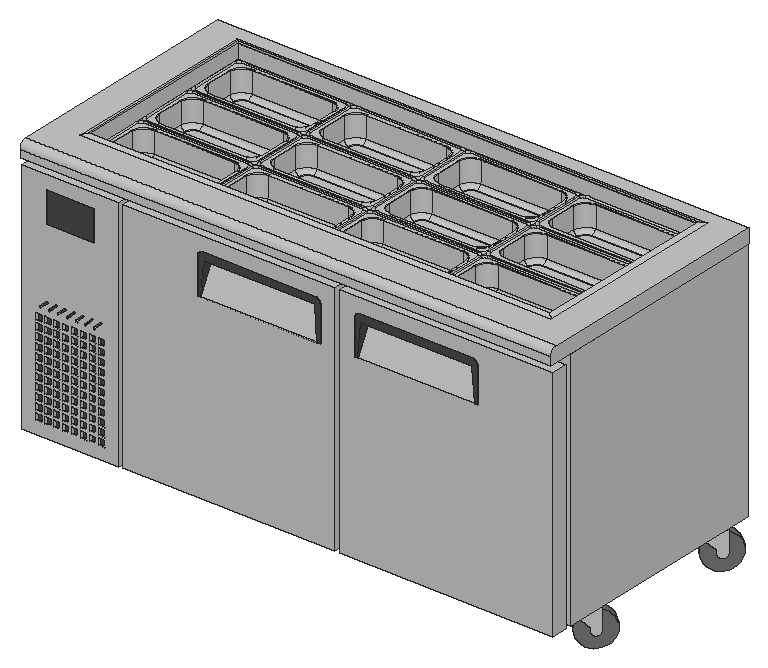
Revit family "QF_Turbo Air_JBT-60", category Specialty Equipment, Revit 2012
Parameters
  Weight in Pounds = 235
  Watermarked By = "http://revitwatermark.com"
  Volts = 115 V
  URL Cutsheet = ""
  URL = "www.turboairinc.com"
  Status [instance] = ""
  Specification by User [instance] = ""
  Specification by Manufacturer [instance] = ""
  Serial Number [instance] = ""
  Revision Code [instance] = ""
  Phase = 1
  Optional Sneeze Guard [instance] = no
  Number of Poles [instance] = 1
  NAFEM Spec ID Number [instance] = ""
  Model = "JBT-60"
  Masterspec [instance] = ""
  Manufacturer = "Turbo Air"  # constant formula
  Legs [instance] = [6 inch Legs]  # no
  Item Number [instance] = "-"
  Installed By [instance] = ""
  HP = "1/3"
  Furnished By [instance] = ""
  Foodservice Equipment Identifier = yes
  FL Amps = 8.9 A
  Electrical Remarks [instance] = ""
  Electric Connection Type [instance] = ""
  Elec Conn RI Height [instance] = 0' - 0"
  Elec Conn Connection Height = 1' - 0"
  Description = "Buffet Display Table"
  Cycle = 60 Hz
  Conn Plug = "NEMA 5-15P"
  Casters [instance] = not(Legs)  # yes
  CasterLeg Height [instance] = if([4 inch Casters], 0' 5", if([5 inch Casters], 0' 5 3/4", if([2_5 inch Casters], 0' 3 3/8", 0' 6")))  # 0' - 5"
  CSI MasterFormat = "11 41 13"
  Assembly Code = "E1090320"
  Apparent Power = if(Phase = 3, Volts * FL Amps * 1.73, Volts * FL Amps)  # 1023.5 VA
  6 inch Legs [instance] = no
  5 inch Casters [instance] = no
  4 inch Casters [instance] = yes
  2_5 inch Casters [instance] = no
Reference planes (in)
  plane 1 "BACK": y = 0
  plane 2: z = 0
  plane 3 "LEFT": x = -20.72594
  plane 4 "Bottom": z = 5
  plane 5 "RIGHT": x = 38.27406
  plane 6 "Door Clearance": y = -49.25
  plane 7 "Back of Door": y = -25.4375
  plane 8 "Front of Box": y = -24.75
  plane 9 "Countertop Bottom": z = 32.125
  plane 10 "Top of Door": z = 31.25
  plane 11 "Front of Doors": y = -27.25
  plane 12 "Front of Ledge": y = -27.5
  plane 13 "Left of Door": x = 14.64906
  plane 14 "Right of Grill": x = -9.97594
  plane 15 "Countertop": z = 33.75
  plane 16 "Trim Left": x = -17.41344
  plane 17 "Opening Left": x = -16.85094
  plane 18 "Trim Right": x = 34.96156
  plane 19 "Opening Right": x = 34.39906
  plane 20 "Trim Back": y = -1.5
  plane 21 "Opening Back": y = -2.0625
  plane 22 "Trim Front": y = -23.375
  plane 23 "Opening Front": y = -22.8125
  plane 24: x = 14.08656
  plane 25: x = -9.53844
Forms (in)
  Extrusion 1, solid, material "QF_Finishes_Black"
    sketch origin (0, -24.75, 0) x (1, 0, 0) y (0, 0, 1)
      loop
        line (37.27406, 6) -> (37.27406, 30.25) -> (15.64906, 30.25) -> (15.64906, 6) -> (37.27406, 6)
      loop
        line (13.08656, 6) -> (13.08656, 30.25) -> (-8.53844, 30.25) -> (-8.53844, 6) -> (13.08656, 6)
    from 0 to 0.6875
  Extrusion 2, solid, material "QF_Finishes_Stainless Steel"
    sketch origin (0, 0, 0) x (1, 0, 0) y (0, 0, 1)
      loop
        circle (-15.35094, 11.125) r 0.25
    from 0 to -0.0625
  Extrusion 3, solid, material "QF_Finishes_Stainless Steel"
    sketch origin (0, -24.75, 0) x (1, 0, 0) y (0, 0, 1)
      loop
        line (-20.72594, 31.25) -> (-20.72594, 5) -> (-9.97594, 5) -> (-9.97594, 31.25) -> (-20.72594, 31.25)
      loop
        line (-11.47594, 7.125) -> (-12.22594, 7.125) -> (-12.22594, 6.375) -> (-11.47594, 6.375) -> (-11.47594, 7.125)
      loop
        line (-12.47594, 7.125) -> (-13.22594, 7.125) -> (-13.22594, 6.375) -> (-12.47594, 6.375) -> (-12.47594, 7.125)
      loop
        line (-13.47594, 7.125) -> (-14.22594, 7.125) -> (-14.22594, 6.375) -> (-13.47594, 6.375) -> (-13.47594, 7.125)
      loop
        line (-14.47594, 7.125) -> (-15.22594, 7.125) -> (-15.22594, 6.375) -> (-14.47594, 6.375) -> (-14.47594, 7.125)
      loop
        line (-15.47594, 7.125) -> (-16.22594, 7.125) -> (-16.22594, 6.375) -> (-15.47594, 6.375) -> (-15.47594, 7.125)
      loop
        line (-16.47594, 7.125) -> (-17.22594, 7.125) -> (-17.22594, 6.375) -> (-16.47594, 6.375) -> (-16.47594, 7.125)
      loop
        line (-17.47594, 7.125) -> (-18.22594, 7.125) -> (-18.22594, 6.375) -> (-17.47594, 6.375) -> (-17.47594, 7.125)
      loop
        line (-18.47594, 7.125) -> (-19.22594, 7.125) -> (-19.22594, 6.375) -> (-18.47594, 6.375) -> (-18.47594, 7.125)
      loop
        line (-11.47594, 8.125) -> (-12.22594, 8.125) -> (-12.22594, 7.375) -> (-11.47594, 7.375) -> (-11.47594, 8.125)
      loop
        line (-12.47594, 8.125) -> (-13.22594, 8.125) -> (-13.22594, 7.375) -> (-12.47594, 7.375) -> (-12.47594, 8.125)
      loop
        line (-13.47594, 8.125) -> (-14.22594, 8.125) -> (-14.22594, 7.375) -> (-13.47594, 7.375) -> (-13.47594, 8.125)
      loop
        line (-14.47594, 8.125) -> (-15.22594, 8.125) -> (-15.22594, 7.375) -> (-14.47594, 7.375) -> (-14.47594, 8.125)
      loop
        line (-15.47594, 8.125) -> (-16.22594, 8.125) -> (-16.22594, 7.375) -> (-15.47594, 7.375) -> (-15.47594, 8.125)
      loop
        line (-16.47594, 8.125) -> (-17.22594, 8.125) -> (-17.22594, 7.375) -> (-16.47594, 7.375) -> (-16.47594, 8.125)
      loop
        line (-17.47594, 8.125) -> (-18.22594, 8.125) -> (-18.22594, 7.375) -> (-17.47594, 7.375) -> (-17.47594, 8.125)
      loop
        line (-18.47594, 8.125) -> (-19.22594, 8.125) -> (-19.22594, 7.375) -> (-18.47594, 7.375) -> (-18.47594, 8.125)
      loop
        line (-11.47594, 9.125) -> (-12.22594, 9.125) -> (-12.22594, 8.375) -> (-11.47594, 8.375) -> (-11.47594, 9.125)
      loop
        line (-12.47594, 9.125) -> (-13.22594, 9.125) -> (-13.22594, 8.375) -> (-12.47594, 8.375) -> (-12.47594, 9.125)
      loop
        line (-13.47594, 9.125) -> (-14.22594, 9.125) -> (-14.22594, 8.375) -> (-13.47594, 8.375) -> (-13.47594, 9.125)
      loop
        line (-14.47594, 9.125) -> (-15.22594, 9.125) -> (-15.22594, 8.375) -> (-14.47594, 8.375) -> (-14.47594, 9.125)
      loop
        line (-15.47594, 9.125) -> (-16.22594, 9.125) -> (-16.22594, 8.375) -> (-15.47594, 8.375) -> (-15.47594, 9.125)
      loop
        line (-16.47594, 9.125) -> (-17.22594, 9.125) -> (-17.22594, 8.375) -> (-16.47594, 8.375) -> (-16.47594, 9.125)
      loop
        line (-17.47594, 9.125) -> (-18.22594, 9.125) -> (-18.22594, 8.375) -> (-17.47594, 8.375) -> (-17.47594, 9.125)
      loop
        line (-18.47594, 9.125) -> (-19.22594, 9.125) -> (-19.22594, 8.375) -> (-18.47594, 8.375) -> (-18.47594, 9.125)
      loop
        line (-11.47594, 10.125) -> (-12.22594, 10.125) -> (-12.22594, 9.375) -> (-11.47594, 9.375) -> (-11.47594, 10.125)
      loop
        line (-12.47594, 10.125) -> (-13.22594, 10.125) -> (-13.22594, 9.375) -> (-12.47594, 9.375) -> (-12.47594, 10.125)
      loop
        line (-13.47594, 10.125) -> (-14.22594, 10.125) -> (-14.22594, 9.375) -> (-13.47594, 9.375) -> (-13.47594, 10.125)
      loop
        line (-14.47594, 10.125) -> (-15.22594, 10.125) -> (-15.22594, 9.375) -> (-14.47594, 9.375) -> (-14.47594, 10.125)
      loop
        line (-15.47594, 10.125) -> (-16.22594, 10.125) -> (-16.22594, 9.375) -> (-15.47594, 9.375) -> (-15.47594, 10.125)
      loop
        line (-16.47594, 10.125) -> (-17.22594, 10.125) -> (-17.22594, 9.375) -> (-16.47594, 9.375) -> (-16.47594, 10.125)
      loop
        line (-17.47594, 10.125) -> (-18.22594, 10.125) -> (-18.22594, 9.375) -> (-17.47594, 9.375) -> (-17.47594, 10.125)
      loop
        line (-18.47594, 10.125) -> (-19.22594, 10.125) -> (-19.22594, 9.375) -> (-18.47594, 9.375) -> (-18.47594, 10.125)
      loop
        line (-11.47594, 11.125) -> (-12.22594, 11.125) -> (-12.22594, 10.375) -> (-11.47594, 10.375) -> (-11.47594, 11.125)
      loop
        line (-12.47594, 11.125) -> (-13.22594, 11.125) -> (-13.22594, 10.375) -> (-12.47594, 10.375) -> (-12.47594, 11.125)
      loop
        line (-13.47594, 11.125) -> (-14.22594, 11.125) -> (-14.22594, 10.375) -> (-13.47594, 10.375) -> (-13.47594, 11.125)
      loop
        line (-14.47594, 11.125) -> (-15.22594, 11.125) -> (-15.22594, 10.375) -> (-14.47594, 10.375) -> (-14.47594, 11.125)
      loop
        line (-15.47594, 11.125) -> (-16.22594, 11.125) -> (-16.22594, 10.375) -> (-15.47594, 10.375) -> (-15.47594, 11.125)
      loop
        line (-16.47594, 11.125) -> (-17.22594, 11.125) -> (-17.22594, 10.375) -> (-16.47594, 10.375) -> (-16.47594, 11.125)
      loop
        line (-17.47594, 11.125) -> (-18.22594, 11.125) -> (-18.22594, 10.375) -> (-17.47594, 10.375) -> (-17.47594, 11.125)
      loop
        line (-18.47594, 11.125) -> (-19.22594, 11.125) -> (-19.22594, 10.375) -> (-18.47594, 10.375) -> (-18.47594, 11.125)
      loop
        line (-11.47594, 12.125) -> (-12.22594, 12.125) -> (-12.22594, 11.375) -> (-11.47594, 11.375) -> (-11.47594, 12.125)
      loop
        line (-12.47594, 12.125) -> (-13.22594, 12.125) -> (-13.22594, 11.375) -> (-12.47594, 11.375) -> (-12.47594, 12.125)
      loop
        line (-13.47594, 12.125) -> (-14.22594, 12.125) -> (-14.22594, 11.375) -> (-13.47594, 11.375) -> (-13.47594, 12.125)
      loop
        line (-14.47594, 12.125) -> (-15.22594, 12.125) -> (-15.22594, 11.375) -> (-14.47594, 11.375) -> (-14.47594, 12.125)
      loop
        line (-15.47594, 12.125) -> (-16.22594, 12.125) -> (-16.22594, 11.375) -> (-15.47594, 11.375) -> (-15.47594, 12.125)
      loop
        line (-16.47594, 12.125) -> (-17.22594, 12.125) -> (-17.22594, 11.375) -> (-16.47594, 11.375) -> (-16.47594, 12.125)
      loop
        line (-17.47594, 12.125) -> (-18.22594, 12.125) -> (-18.22594, 11.375) -> (-17.47594, 11.375) -> (-17.47594, 12.125)
      loop
        line (-18.47594, 12.125) -> (-19.22594, 12.125) -> (-19.22594, 11.375) -> (-18.47594, 11.375) -> (-18.47594, 12.125)
      loop
        line (-11.47594, 13.125) -> (-12.22594, 13.125) -> (-12.22594, 12.375) -> (-11.47594, 12.375) -> (-11.47594, 13.125)
      loop
        line (-12.47594, 13.125) -> (-13.22594, 13.125) -> (-13.22594, 12.375) -> (-12.47594, 12.375) -> (-12.47594, 13.125)
      loop
        line (-13.47594, 13.125) -> (-14.22594, 13.125) -> (-14.22594, 12.375) -> (-13.47594, 12.375) -> (-13.47594, 13.125)
      loop
        line (-14.47594, 13.125) -> (-15.22594, 13.125) -> (-15.22594, 12.375) -> (-14.47594, 12.375) -> (-14.47594, 13.125)
      loop
        line (-15.47594, 13.125) -> (-16.22594, 13.125) -> (-16.22594, 12.375) -> (-15.47594, 12.375) -> (-15.47594, 13.125)
      loop
        line (-16.47594, 13.125) -> (-17.22594, 13.125) -> (-17.22594, 12.375) -> (-16.47594, 12.375) -> (-16.47594, 13.125)
      loop
        line (-17.47594, 13.125) -> (-18.22594, 13.125) -> (-18.22594, 12.375) -> (-17.47594, 12.375) -> (-17.47594, 13.125)
      loop
        line (-18.47594, 13.125) -> (-19.22594, 13.125) -> (-19.22594, 12.375) -> (-18.47594, 12.375) -> (-18.47594, 13.125)
      loop
        line (-11.47594, 14.125) -> (-12.22594, 14.125) -> (-12.22594, 13.375) -> (-11.47594, 13.375) -> (-11.47594, 14.125)
      loop
        line (-12.47594, 14.125) -> (-13.22594, 14.125) -> (-13.22594, 13.375) -> (-12.47594, 13.375) -> (-12.47594, 14.125)
      loop
        line (-13.47594, 14.125) -> (-14.22594, 14.125) -> (-14.22594, 13.375) -> (-13.47594, 13.375) -> (-13.47594, 14.125)
      loop
        line (-14.47594, 14.125) -> (-15.22594, 14.125) -> (-15.22594, 13.375) -> (-14.47594, 13.375) -> (-14.47594, 14.125)
      loop
        line (-15.47594, 14.125) -> (-16.22594, 14.125) -> (-16.22594, 13.375) -> (-15.47594, 13.375) -> (-15.47594, 14.125)
      loop
        line (-16.47594, 14.125) -> (-17.22594, 14.125) -> (-17.22594, 13.375) -> (-16.47594, 13.375) -> (-16.47594, 14.125)
      loop
        line (-17.47594, 14.125) -> (-18.22594, 14.125) -> (-18.22594, 13.375) -> (-17.47594, 13.375) -> (-17.47594, 14.125)
      loop
        line (-18.47594, 14.125) -> (-19.22594, 14.125) -> (-19.22594, 13.375) -> (-18.47594, 13.375) -> (-18.47594, 14.125)
      loop
        line (-11.47594, 15.125) -> (-12.22594, 15.125) -> (-12.22594, 14.375) -> (-11.47594, 14.375) -> (-11.47594, 15.125)
      loop
        line (-12.47594, 15.125) -> (-13.22594, 15.125) -> (-13.22594, 14.375) -> (-12.47594, 14.375) -> (-12.47594, 15.125)
      loop
        line (-13.47594, 15.125) -> (-14.22594, 15.125) -> (-14.22594, 14.375) -> (-13.47594, 14.375) -> (-13.47594, 15.125)
      loop
        line (-14.47594, 15.125) -> (-15.22594, 15.125) -> (-15.22594, 14.375) -> (-14.47594, 14.375) -> (-14.47594, 15.125)
      loop
        line (-15.47594, 15.125) -> (-16.22594, 15.125) -> (-16.22594, 14.375) -> (-15.47594, 14.375) -> (-15.47594, 15.125)
      loop
        line (-16.47594, 15.125) -> (-17.22594, 15.125) -> (-17.22594, 14.375) -> (-16.47594, 14.375) -> (-16.47594, 15.125)
      loop
        line (-17.47594, 15.125) -> (-18.22594, 15.125) -> (-18.22594, 14.375) -> (-17.47594, 14.375) -> (-17.47594, 15.125)
      loop
        line (-18.47594, 15.125) -> (-19.22594, 15.125) -> (-19.22594, 14.375) -> (-18.47594, 14.375) -> (-18.47594, 15.125)
      loop
        line (-11.47594, 16.125) -> (-12.22594, 16.125) -> (-12.22594, 15.375) -> (-11.47594, 15.375) -> (-11.47594, 16.125)
      loop
        line (-12.47594, 16.125) -> (-13.22594, 16.125) -> (-13.22594, 15.375) -> (-12.47594, 15.375) -> (-12.47594, 16.125)
      loop
        line (-13.47594, 16.125) -> (-14.22594, 16.125) -> (-14.22594, 15.375) -> (-13.47594, 15.375) -> (-13.47594, 16.125)
      loop
        line (-14.47594, 16.125) -> (-15.22594, 16.125) -> (-15.22594, 15.375) -> (-14.47594, 15.375) -> (-14.47594, 16.125)
      loop
        line (-15.47594, 16.125) -> (-16.22594, 16.125) -> (-16.22594, 15.375) -> (-15.47594, 15.375) -> (-15.47594, 16.125)
      loop
        line (-16.47594, 16.125) -> (-17.22594, 16.125) -> (-17.22594, 15.375) -> (-16.47594, 15.375) -> (-16.47594, 16.125)
      loop
        line (-17.47594, 16.125) -> (-18.22594, 16.125) -> (-18.22594, 15.375) -> (-17.47594, 15.375) -> (-17.47594, 16.125)
      loop
        line (-18.47594, 16.125) -> (-19.22594, 16.125) -> (-19.22594, 15.375) -> (-18.47594, 15.375) -> (-18.47594, 16.125)
      loop
        line (-11.47594, 17.125) -> (-12.22594, 17.125) -> (-12.22594, 16.375) -> (-11.47594, 16.375) -> (-11.47594, 17.125)
      loop
        line (-12.47594, 17.125) -> (-13.22594, 17.125) -> (-13.22594, 16.375) -> (-12.47594, 16.375) -> (-12.47594, 17.125)
      loop
        line (-13.47594, 17.125) -> (-14.22594, 17.125) -> (-14.22594, 16.375) -> (-13.47594, 16.375) -> (-13.47594, 17.125)
      loop
        line (-14.47594, 17.125) -> (-15.22594, 17.125) -> (-15.22594, 16.375) -> (-14.47594, 16.375) -> (-14.47594, 17.125)
      loop
        line (-15.47594, 17.125) -> (-16.22594, 17.125) -> (-16.22594, 16.375) -> (-15.47594, 16.375) -> (-15.47594, 17.125)
      loop
        line (-16.47594, 17.125) -> (-17.22594, 17.125) -> (-17.22594, 16.375) -> (-16.47594, 16.375) -> (-16.47594, 17.125)
      loop
        line (-17.47594, 17.125) -> (-18.22594, 17.125) -> (-18.22594, 16.375) -> (-17.47594, 16.375) -> (-17.47594, 17.125)
      loop
        line (-18.47594, 17.125) -> (-19.22594, 17.125) -> (-19.22594, 16.375) -> (-18.47594, 16.375) -> (-18.47594, 17.125)
      loop
        arc (-14.68933, 17.96339) -> (-14.68933, 17.78661) -> (-14.51255, 17.78661) r 0.125
        line (-14.51255, 17.78661) -> (-13.80544, 18.49372)
        arc (-13.80544, 18.49372) -> (-13.80544, 18.6705) -> (-13.98222, 18.6705) r 0.125
        line (-13.98222, 18.6705) -> (-14.68933, 17.96339)
      loop
        arc (-13.68933, 17.96339) -> (-13.68933, 17.78661) -> (-13.51255, 17.78661) r 0.125
        line (-13.51255, 17.78661) -> (-12.80544, 18.49372)
        arc (-12.80544, 18.49372) -> (-12.80544, 18.6705) -> (-12.98222, 18.6705) r 0.125
        line (-12.98222, 18.6705) -> (-13.68933, 17.96339)
      loop
        arc (-12.68933, 17.96339) -> (-12.68933, 17.78661) -> (-12.51255, 17.78661) r 0.125
        line (-12.51255, 17.78661) -> (-11.80544, 18.49372)
        arc (-11.80544, 18.49372) -> (-11.80544, 18.6705) -> (-11.98222, 18.6705) r 0.125
        line (-11.98222, 18.6705) -> (-12.68933, 17.96339)
      loop
        arc (-17.68933, 17.96339) -> (-17.68933, 17.78661) -> (-17.51255, 17.78661) r 0.125
        line (-17.51255, 17.78661) -> (-16.80544, 18.49372)
        arc (-16.80544, 18.49372) -> (-16.80544, 18.6705) -> (-16.98222, 18.6705) r 0.125
        line (-16.98222, 18.6705) -> (-17.68933, 17.96339)
      loop
        arc (-16.68933, 17.96339) -> (-16.68933, 17.78661) -> (-16.51255, 17.78661) r 0.125
        line (-16.51255, 17.78661) -> (-15.80544, 18.49372)
        arc (-15.80544, 18.49372) -> (-15.80544, 18.6705) -> (-15.98222, 18.6705) r 0.125
        line (-15.98222, 18.6705) -> (-16.68933, 17.96339)
      loop
        arc (-15.68933, 17.96339) -> (-15.68933, 17.78661) -> (-15.51255, 17.78661) r 0.125
        line (-15.51255, 17.78661) -> (-14.80544, 18.49372)
        arc (-14.80544, 18.49372) -> (-14.80544, 18.6705) -> (-14.98222, 18.6705) r 0.125
        line (-14.98222, 18.6705) -> (-15.68933, 17.96339)
      loop
        arc (-18.68933, 17.96339) -> (-18.68933, 17.78661) -> (-18.51255, 17.78661) r 0.125
        line (-18.51255, 17.78661) -> (-17.80544, 18.49372)
        arc (-17.80544, 18.49372) -> (-17.80544, 18.6705) -> (-17.98222, 18.6705) r 0.125
        line (-17.98222, 18.6705) -> (-18.68933, 17.96339)
      loop
        line (-12.72594, 29.75) -> (-17.97594, 29.75) -> (-17.97594, 26.375) -> (-12.72594, 26.375) -> (-12.72594, 29.75)
    from 0 to 2.5
  Extrusion 4, solid, material "QF_Finishes_Black"
    sketch origin (0, -24.75, 0) x (1, 0, 0) y (0, 0, 1)
      loop
        line (-19.72594, 5.875) -> (-10.97594, 5.875) -> (-10.97594, 19.125) -> (-19.72594, 19.125) -> (-19.72594, 5.875)
    from 0 to 2.25
  Extrusion 5, solid, material "QF_Finishes_Black"
    sketch origin (0, -24.75, 0) x (1, 0, 0) y (0, 0, 1)
      loop
        line (-17.97594, 29.75) -> (-17.97594, 26.375) -> (-12.72594, 26.375) -> (-12.72594, 29.75) -> (-17.97594, 29.75)
    from 0 to 2.5
  Extrusion 6, solid, material "QF_Finishes_Stainless Steel"
    sketch origin (-20.72594, 0, 0) x (0, 1, 0) y (0, 0, 1)
      loop
        line (0, 33.75) -> (-26.6875, 33.75)
        arc (-26.6875, 33.75) -> (-27.26202, 33.51202) -> (-27.5, 32.9375) r 0.8125
        line (-27.5, 32.9375) -> (-27.5, 32.125) -> (0, 32.125) -> (0, 33.75)
    from 0 to 59
  Blend 7, solid, material "QF_Finishes_Polished Steel"
    base sketch origin (0, 0, 33.75) x (0, 1, 0) y (-1, 0, 0)
      loop
        line (-1.5, 17.41344) -> (-23.375, 17.41344) -> (-23.375, -34.96156) -> (-1.5, -34.96156) -> (-1.5, 17.41344)
    top sketch origin (0, 0, 33.75) x (0, 1, 0) y (-1, 0, 0)
      loop
        line (-2.0625, 16.85094) -> (-22.8125, 16.85094) -> (-22.8125, -34.39906) -> (-2.0625, -34.39906) -> (-2.0625, 16.85094)
    from 0 to 0.1875
  Extrusion 8, void
    sketch origin (0, 0, 5) x (0, 1, 0) y (-1, 0, 0)
      loop
        line (-2.0625, 16.85094) -> (-22.8125, 16.85094) -> (-22.8125, -34.39906) -> (-2.0625, -34.39906) -> (-2.0625, 16.85094)
    from 0.1875 to 28.9375
  Extrusion 9, solid, material "QF_Finishes_Stainless Steel"
    sketch origin (0, 0, 5) x (0, 1, 0) y (-1, 0, 0)
      loop
        line (0, 20.72594) -> (-24.75, 20.72594) -> (-24.75, -38.27406) -> (0, -38.27406) -> (0, 20.72594)
      loop
        line (-2.0625, 16.85094) -> (-22.8125, 16.85094) -> (-22.8125, -34.39906) -> (-2.0625, -34.39906) -> (-2.0625, 16.85094)
    from 0 to 27.125
  Extrusion 10, solid, material "QF_Finishes_Stainless Steel"
    sketch origin (0, 0, 5) x (0, 1, 0) y (-1, 0, 0)
      loop
        line (-2.0625, 16.85094) -> (-22.8125, 16.85094) -> (-22.8125, -34.39906) -> (-2.0625, -34.39906) -> (-2.0625, 16.85094)
    from 0 to 21.125
Cuts and joins
  Extrusion 8 cuts Extrusion 6
  Extrusion 8 cuts Blend 7
Lines and regions (in)
  symbolic lines
    curve 1: line (-20.72594, 0, 32.125) -> (38.27406, 0, 32.125)
    curve 2: line (-20.72594, -27.5, 32.125) -> (-20.72594, 0, 32.125)
    curve 3: line (38.27406, -27.5, 32.125) -> (-20.72594, -27.5, 32.125)
    curve 4: line (38.27406, 0, 32.125) -> (38.27406, -27.5, 32.125)
    curve 7: line (-17.41344, -1.5, 32.125) -> (34.96156, -1.5, 32.125)
    curve 8: line (-17.41344, -23.375, 32.125) -> (-17.41344, -1.5, 32.125)
    curve 9: line (34.96156, -23.375, 32.125) -> (-17.41344, -23.375, 32.125)
    curve 10: line (34.96156, -1.5, 32.125) -> (34.96156, -23.375, 32.125)
    curve 11: line (-16.85094, -2.0625, 32.125) -> (34.39906, -2.0625, 32.125)
    curve 12: line (-16.85094, -22.8125, 32.125) -> (-16.85094, -2.0625, 32.125)
    curve 13: line (34.39906, -22.8125, 32.125) -> (-16.85094, -22.8125, 32.125)
    curve 14: line (34.39906, -2.0625, 32.125) -> (34.39906, -22.8125, 32.125)
  symbolic lines, style "QF_Clearances", detail levels coarse
    curve 5: line (38.27406, -27.5, 32.125) -> (38.27406, -49.25, 32.125)
    curve 6: arc (38.27406, -49.25, 32.125) -> (22.26649, -42.97765, 32.125) -> (14.78137, -27.5, 32.125) r 23.5625
    curve 15: line (-9.53844, -27.5, 32.125) -> (-9.53844, -49.25, 32.125)
    curve 16: arc (-9.53844, -49.25, 32.125) -> (6.46913, -42.97765, 32.125) -> (13.95424, -27.5, 32.125) r 23.5625
Dimensions and locks (in)
  "CasterLeg Height": plane 4 "Bottom" to plane 2
  locked: plane 5 "RIGHT" to plane 3 "LEFT" at 59
  locked: plane 6 "Door Clearance" to plane 1 "BACK" at 49.25
  plane 9 "Countertop Bottom" to plane 4 "Bottom" = 2' - 3 1/8"
  locked: Extrusion 1 sketch curve to plane 5 "RIGHT" at 1
  locked: nested 1 to plane 1 "BACK" at 2.5625
  locked: plane 3 "LEFT" to nested 1 at 2.5
  locked: plane 3 "LEFT" to nested 2 at 2.5
  locked: plane 8 "Front of Box" to nested 2 at 4.625
  locked: nested 3 to plane 5 "RIGHT" at 2.5
  locked: nested 4 to plane 5 "RIGHT" at 2.5
  locked: plane 8 "Front of Box" to nested 4 at 4.625
  locked: nested 3 to plane 1 "BACK" at 2.5625
  locked: Extrusion 2 sketch curve to plane 4 "Bottom" at 6.125
  locked: Extrusion 1 sketch curve to plane 4 "Bottom" at 1  (x2)
  locked: plane 10 "Top of Door" to Extrusion 1 sketch curve at 1  (x2)
  locked: plane 12 "Front of Ledge" to plane 11 "Front of Doors" at 0.25
  locked: plane 9 "Countertop Bottom" to plane 10 "Top of Door" at 0.875
  locked: plane 13 "Left of Door" to plane 5 "RIGHT" at 23.625
  locked: plane 3 "LEFT" to plane 14 "Right of Grill" at 10.75
  locked: Extrusion 1 sketch curve to plane 13 "Left of Door" at 1
  locked: plane 3 "LEFT" to Extrusion 4 sketch curve at 1
  locked: plane 14 "Right of Grill" to Extrusion 4 sketch curve at 1
  locked: Extrusion 4 sketch curve to plane 4 "Bottom" at 0.875
  locked: Extrusion 4 sketch curve to Extrusion 4 sketch curve at 13.25
  locked: Extrusion 2 sketch curve to plane 3 "LEFT" at 5.375
  locked: plane 11 "Front of Doors" to plane 8 "Front of Box" at 2.5
  locked: plane 7 "Back of Door" to plane 8 "Front of Box" at 0.6875
  locked: plane 12 "Front of Ledge" to plane 1 "BACK" at 27.5
  locked: plane 3 "LEFT" to plane 16 "Trim Left" at 3.3125
  locked: plane 16 "Trim Left" to plane 17 "Opening Left" at 0.5625
  locked: plane 18 "Trim Right" to plane 5 "RIGHT" at 3.3125
  locked: plane 19 "Opening Right" to plane 18 "Trim Right" at 0.5625
  locked: plane 20 "Trim Back" to plane 1 "BACK" at 1.5
  locked: plane 21 "Opening Back" to plane 20 "Trim Back" at 0.5625
  locked: plane 22 "Trim Front" to plane 23 "Opening Front" at 0.5625
  locked: plane 22 "Trim Front" to plane 20 "Trim Back" at 21.875
  locked: plane 25 to plane 24 at 23.625
  locked: plane 24 to plane 13 "Left of Door" at 0.5625
  locked: Extrusion 1 sketch curve to plane 25 at 1
  locked: Extrusion 1 sketch curve to plane 24 at 1
  locked: plane 15 "Countertop" to plane 9 "Countertop Bottom" at 1.625
  aligned and locked: level to plane 2
  aligned and locked: plane 7 "Back of Door" to Extrusion 1
  aligned and locked: plane 1 "BACK" to curve 1
  aligned and locked: plane 3 "LEFT" to curve 2
  aligned and locked: plane 4 "Bottom" to nested 5
  aligned and locked: plane 13 "Left of Door" to nested 5
  aligned and locked: Extrusion 3 sketch curve to plane 10 "Top of Door"
  aligned and locked: plane 3 "LEFT" to Extrusion 3 sketch curve
  aligned and locked: plane 4 "Bottom" to Extrusion 3 sketch curve
  aligned and locked: plane 14 "Right of Grill" to Extrusion 3 sketch curve
  aligned and locked: plane 11 "Front of Doors" to Extrusion 3
  aligned and locked: plane 11 "Front of Doors" to Extrusion 5
  aligned and locked: plane 5 "RIGHT" to nested 5
  aligned and locked: curve 3 to plane 12 "Front of Ledge"
  aligned and locked: Extrusion 6 sketch curve to plane 15 "Countertop"
  aligned and locked: plane 1 "BACK" to Extrusion 6 sketch curve
  aligned and locked: plane 9 "Countertop Bottom" to Extrusion 6 sketch curve
  aligned and locked: Extrusion 6 sketch curve to plane 12 "Front of Ledge"
  aligned and locked: plane 5 "RIGHT" to Extrusion 6
  aligned and locked: plane 20 "Trim Back" to Blend 7 sketch curve
  aligned and locked: Blend 7 sketch curve to plane 22 "Trim Front"
  aligned and locked: Blend 7 sketch curve to plane 18 "Trim Right"
  aligned and locked: plane 16 "Trim Left" to Blend 7 sketch curve
  aligned and locked: plane 21 "Opening Back" to Blend 7 sketch curve
  aligned and locked: plane 17 "Opening Left" to Blend 7 sketch curve
  aligned and locked: Blend 7 sketch curve to plane 23 "Opening Front"
  aligned and locked: Blend 7 sketch curve to plane 19 "Opening Right"
  aligned and locked: plane 21 "Opening Back" to Extrusion 8 sketch curve
  aligned and locked: plane 17 "Opening Left" to Extrusion 8 sketch curve
  aligned and locked: Extrusion 8 sketch curve to plane 23 "Opening Front"
  aligned and locked: Extrusion 8 sketch curve to plane 19 "Opening Right"
  aligned and locked: plane 1 "BACK" to Extrusion 9 sketch curve
  aligned and locked: Extrusion 9 sketch curve to plane 5 "RIGHT"
  aligned and locked: plane 3 "LEFT" to Extrusion 9 sketch curve
  aligned and locked: Extrusion 9 sketch curve to plane 8 "Front of Box"
  aligned and locked: plane 17 "Opening Left" to Extrusion 9 sketch curve
  aligned and locked: plane 21 "Opening Back" to Extrusion 9 sketch curve
  aligned and locked: Extrusion 9 sketch curve to plane 19 "Opening Right"
  aligned and locked: Extrusion 9 sketch curve to plane 23 "Opening Front"
  aligned and locked: plane 9 "Countertop Bottom" to Extrusion 9
  aligned and locked: plane 21 "Opening Back" to Extrusion 10 sketch curve
  aligned and locked: Extrusion 10 sketch curve to plane 19 "Opening Right"
  aligned and locked: Extrusion 10 sketch curve to plane 23 "Opening Front"
  aligned and locked: plane 17 "Opening Left" to Extrusion 10 sketch curve
  aligned and locked: plane 20 "Trim Back" to curve 7
  aligned and locked: plane 21 "Opening Back" to curve 11
  aligned and locked: plane 16 "Trim Left" to curve 8
  aligned and locked: plane 17 "Opening Left" to curve 12
  aligned and locked: curve 10 to plane 18 "Trim Right"
  aligned and locked: curve 14 to plane 19 "Opening Right"
  aligned and locked: curve 9 to plane 22 "Trim Front"
  aligned and locked: curve 13 to plane 23 "Opening Front"
  aligned and locked: nested 12 to plane 4 "Bottom"
  aligned and locked: nested 6 to plane 9 "Countertop Bottom"
  aligned and locked: nested 7 to plane 9 "Countertop Bottom"
  aligned and locked: nested 13 to plane 9 "Countertop Bottom"
  aligned and locked: nested 8 to plane 9 "Countertop Bottom"
  aligned and locked: nested 9 to plane 9 "Countertop Bottom"
  aligned and locked: nested 14 to plane 9 "Countertop Bottom"
  aligned and locked: nested 10 to plane 9 "Countertop Bottom"
  aligned and locked: nested 11 to plane 9 "Countertop Bottom"
  aligned and locked: nested 15 to plane 9 "Countertop Bottom"
  aligned and locked: nested 18 to plane 9 "Countertop Bottom"
  aligned and locked: nested 17 to plane 9 "Countertop Bottom"
  aligned and locked: nested 16 to plane 9 "Countertop Bottom"
Automatic sketch dimensions
  Extrusion 3 sketch curve to Extrusion 3 sketch curve = 0' - 0"  (x162)
  Extrusion 3 sketch curve to Extrusion 3 sketch curve = 0' - 0.08839"  (x42)
  Extrusion 3 sketch curve to Extrusion 3 sketch curve = 0' - 0 1/4"  (x127)
  Extrusion 3 sketch curve to Extrusion 3 sketch curve = 0' - 0.82322"  (x6)
  Extrusion 3 sketch curve to Extrusion 3 sketch curve = 0' - 0.11612"  (x6)
  Extrusion 3 sketch curve to Extrusion 3 sketch curve = 0' - 0 3/4"  (x54)
  Extrusion 3 sketch curve to Extrusion 3 sketch curve = 0' - 0.03661"  (x6)
  Extrusion 3 sketch curve to plane 14 "Right of Grill" = 0' - 2 3/4"
  plane 4 "Bottom" to Extrusion 3 sketch curve = 0' - 1 3/8"  (x2)
  Extrusion 3 sketch curve to Extrusion 3 sketch curve = 0' - 0.66161"  (x7)
  Extrusion 3 sketch curve to Extrusion 3 sketch curve = 0' - 0.53033"  (x6)
  Extrusion 3 sketch curve to Extrusion 3 sketch curve = 0' - 0.70711"  (x2)
  Extrusion 3 sketch curve to plane 10 "Top of Door" = 0' - 4 7/8"
  Extrusion 3 sketch curve to plane 10 "Top of Door" = 0' - 1 1/2"
  Extrusion 5 sketch curve to plane 14 "Right of Grill" = 0' - 2 3/4"
  Extrusion 5 sketch curve to plane 10 "Top of Door" = 0' - 4 7/8"
  Extrusion 5 sketch curve to plane 10 "Top of Door" = 0' - 1 1/2"
  plane 3 "LEFT" to Extrusion 3 sketch curve = 0' - 1 1/2"
  Extrusion 3 sketch curve to Extrusion 3 sketch curve = 0' - 0.53661"
  plane 3 "LEFT" to Extrusion 3 sketch curve = 0' - 2 3/4"
  plane 3 "LEFT" to Extrusion 5 sketch curve = 0' - 2 3/4"
  curve 6 to plane 5 "RIGHT" = 0' - 0"
  plane 6 "Door Clearance" to curve 6 = 0' - 0"
  plane 6 "Door Clearance" to curve 16 = 0' - 0"
  plane 7 "Back of Door" to curve 16 = 0' - 0 1/4"
  plane 7 "Back of Door" to curve 6 = 0' - 0 1/4"
  curve 16 to plane 13 "Left of Door" = 0' - 0.69481"
  Extrusion 6 sketch curve to plane 11 "Front of Doors" = 0' - 0 9/16"
  radius of Extrusion 2 sketch curve = 0' - 0 1/4"
Nested families (in)
  nested 1: "FESCasterLeg" at (-18.22594, -2.5625, 0), Height <- "CasterLeg Height", Legs <- "Legs", Casters <- "Casters", type "FESCasterLeg"
    with Legs no, Height 0' - 5", Casters yes, Caster Radius 0' - 2"
  nested 2: "FESCasterLeg" at (-18.22594, -20.125, 0), Height <- "CasterLeg Height", Legs <- "Legs", Casters <- "Casters", type "FESCasterLeg"
    with Legs no, Height 0' - 5", Casters yes, Caster Radius 0' - 2"
  nested 3: "FESCasterLeg" at (35.77406, -2.5625, 0), Height <- "CasterLeg Height", Legs <- "Legs", Casters <- "Casters", type "FESCasterLeg"
    with Legs no, Height 0' - 5", Casters yes, Caster Radius 0' - 2"
  nested 4: "FESCasterLeg" at (35.77406, -20.125, 0), Height <- "CasterLeg Height", Legs <- "Legs", Casters <- "Casters", type "FESCasterLeg"
    with Legs no, Height 0' - 5", Casters yes, Caster Radius 0' - 2"
  nested 5: "QF_Turbo Air_TBL_Door-1" at (23.09739, -25.4375, 5) x (-1, 0, 0) z (0, 0, 1), type "QF_Turbo Air_TBL_Door-1"
    with Width 1' - 11 5/8", Symbolic Lines no, Height 2' - 2 1/4", Handle Width 1' - 1 11/16", Depth 0' - 1 13/16"
  nested 6: "QF_Turbo Air_Pan" at (-2.33158, -2.1875, 32.125), type "QF_Turbo Air_Pan"
    with Width 1' - 0 3/4", Pan Depth 0' - 3", Depth 0' - 6 13/16"
  nested 7: "QF_Turbo Air_Pan" at (10.41842, -2.1875, 32.125), type "QF_Turbo Air_Pan"
    with Width 1' - 0 3/4", Pan Depth 0' - 3", Depth 0' - 6 13/16"
  nested 8: "QF_Turbo Air_Pan" at (-2.33158, -9, 32.125), type "QF_Turbo Air_Pan"
    with Width 1' - 0 3/4", Pan Depth 0' - 3", Depth 0' - 6 13/16"
  nested 9: "QF_Turbo Air_Pan" at (10.41842, -9, 32.125), type "QF_Turbo Air_Pan"
    with Width 1' - 0 3/4", Pan Depth 0' - 3", Depth 0' - 6 13/16"
  nested 10: "QF_Turbo Air_Pan" at (-2.33158, -15.8125, 32.125), type "QF_Turbo Air_Pan"
    with Width 1' - 0 3/4", Pan Depth 0' - 3", Depth 0' - 6 13/16"
  nested 11: "QF_Turbo Air_Pan" at (10.41842, -15.8125, 32.125), type "QF_Turbo Air_Pan"
    with Width 1' - 0 3/4", Pan Depth 0' - 3", Depth 0' - 6 13/16"
  nested 12: "QF_Turbo Air_TBL_Door-1" at (5.63823, -25.4375, 5), type "QF_Turbo Air_TBL_Door-1"
    with Width 1' - 11 5/8", Symbolic Lines no, Height 2' - 2 1/4", Handle Width 1' - 1 11/16", Depth 0' - 1 13/16"
  nested 13: "QF_Turbo Air_Pan" at (23.16842, -2.1875, 32.125), type "QF_Turbo Air_Pan"
    with Width 1' - 0 3/4", Pan Depth 0' - 3", Depth 0' - 6 13/16"
  nested 14: "QF_Turbo Air_Pan" at (23.16842, -9, 32.125), type "QF_Turbo Air_Pan"
    with Width 1' - 0 3/4", Pan Depth 0' - 3", Depth 0' - 6 13/16"
  nested 15: "QF_Turbo Air_Pan" at (23.16842, -15.8125, 32.125), type "QF_Turbo Air_Pan"
    with Width 1' - 0 3/4", Pan Depth 0' - 3", Depth 0' - 6 13/16"
  nested 16: "QF_Turbo Air_Pan" at (35.91842, -2.1875, 32.125), type "QF_Turbo Air_Pan"
    with Width 1' - 0 3/4", Pan Depth 0' - 3", Depth 0' - 6 13/16"
  nested 17: "QF_Turbo Air_Pan" at (35.91842, -9, 32.125), type "QF_Turbo Air_Pan"
    with Width 1' - 0 3/4", Pan Depth 0' - 3", Depth 0' - 6 13/16"
  nested 18: "QF_Turbo Air_Pan" at (35.91842, -15.8125, 32.125), type "QF_Turbo Air_Pan"
    with Width 1' - 0 3/4", Pan Depth 0' - 3", Depth 0' - 6 13/16"
  nested 19: "QF_Turbo Air_SNZ_cat" at (23.88575, -12.5625, 33.75), visible <- "Optional Sneeze Guard", type "SNZ-60"
    with Status "", Specification by User "", Specification by Manufacturer "", Serial Number "", Revision Code "", NAFEM Spec ID Number "", Masterspec "", Item Number "-", Installed By "", Furnished By "", Width 4' - 11", Weight in Pounds 16
Connectors (in)
  electrical at (-15.35094, 0.0625, 11.125), driven by "Number of Poles", driven by "Volts", driven by "Apparent Power"
    settings: on Extrusion 2, index 1, voltage 115 V, apparent load 1023.5 VA, apparent load phase1 0 VA, apparent load phase2 0 VA, apparent load phase3 0 VA, power factor 1, load classification "Other", number of poles 1, system type 30, power factor state 1, is connector primary yes, connector utility no, sub classification motor no, connector description ""
Definition of nested family "FESCasterLeg"
  Parameters (values of type "FESCasterLeg")
    Watermarked By = "http://revitwatermark.com"
    Type Comments = "⍁⍉⌁⌀⏭⎽⌇⍠⌜⍉⎖⌥⌦⌯⍭⏊⍻⍿⍊⏵⍊⏗⏠⍴⎡⌈⎀⍠⌓⌤⏘⎐⍀⌐⏬⏁⎈⏍⏦⎒⏬⌝⍩⍇⌣〈⎫〉⎁⏊⍥⍖⍥⍝⍦⌖⍀⏌⏭⎝⎼⏷⏞⍻⏯⎽⏷⏞⍻⏯⎽⏷⎺⌻⎝⍎⌧⏷⏟⏿⌿⍜⍦⍤⌁⍬⏶⏎⍊⏚⏉⎞⌡⎀⎪⏈⌟⌿⍾⍼⌟⌿⌢⌞⏜⏝⎽⍷⍷⍯⍧⍷⌯⍽⏸⏨⏾⏎⌣⏺⍹⏼⏅⎏⌽⎫⎪⍙⎓⏗⎗⏅⌴⍏⍏⍿⏑⎺⍘⌭⏲⍥⎛⎾⎾⍞⍌⎪⎲⌙⎥⏏⎟⎟⏼⏘⎏⎝⏧⏍⏁⍏⍧⏯⏾⌟"
    Legs [instance] = yes
    Height [instance] = 0' - 6"
    Caster Radius [instance] = if(Height < 0' 3", 0' 1", (Height / 2) - 0' 0 1/2")  # 0' - 2 1/2"
    Casters [instance] = yes
    Assembly Code = ""
  Reference planes (in)
    plane 1 "Center (Front/Back)": y = 0
    plane 2: z = 0
    plane 3 "Center (Left/Right)": x = 0
    plane 4: z = 6
    plane 5: z = 5.5
  Forms (in)
    Extrusion 1, solid, material "QF_Finishes_Stainless Steel", visible <- "Casters"
      sketch origin (-24.12131, -22.88887, 10.18833) x (0.707107, 0.707107, 0) y (0, 0, 1)
        loop
          line (34.98772, -7.68833) -> (34.98772, -4.93833) -> (34.48772, -4.93833) -> (34.39402, -4.68833) -> (32.39402, -4.68833) -> (32.39402, -5.43833) -> (33.98772, -7.34206) -> (33.98772, -7.68833)
          arc (33.98772, -7.68833) -> (34.48772, -8.18833) -> (34.98772, -7.68833) r 0.5
      from 0 to 1.75
    Extrusion 2, solid, material "QF_Finishes_Rubber Black", visible <- "Casters"
      sketch origin (-24.32327, -23.09083, 13.31461) x (0.707107, 0.707107, 0) y (0, 0, 1)
        loop
          circle (34.77334, -10.81461) r 2.5
      from 0.375 to 1.375
    Extrusion 3, solid, material "QF_Finishes_Stainless Steel", visible <- "Casters"
      sketch origin (-7.24148, -8.48391, 0) x (0.707107, 0.707107, 0) y (0, 0, 1)
        loop
          line (10.61603, 5.5) -> (11.61603, 5.5) -> (11.61603, 6) -> (10.61603, 6) -> (10.61603, 5.5)
      from 0 to -1.75
    Blend 4, solid, material "QF_Finishes_Stainless Steel", visible <- "Legs"
      base sketch origin (0, 0, 0) x (1, 0, 0) y (0, 1, 0)
        loop
          circle (0, 0) r 0.5
      top sketch origin (0, 0, 0) x (1, 0, 0) y (0, 1, 0)
        loop
          circle (0, 0) r 1
      from 0 to 6 <- "Height"
  Lines and regions (in)
    symbolic lines, style "QF_Hidden Details", visible <- "Casters", built-in parameter 1006206 <- "Casters"
      curve 1: line (-1.26158, -0.51911, 0) -> (1.39007, 2.13254, 0)
      curve 2: line (-0.53429, -1.24639, 0) -> (2.11736, 1.40526, 0)
    symbolic lines, style "QF_Hidden Details", built-in parameter 1006206 <- "Casters", visible <- "Casters"
      curve 3: line (-1.26158, -0.51911, 0) -> (1.39007, 2.13254, 0)
      curve 4: line (-0.53429, -1.24639, 0) -> (2.11736, 1.40526, 0)
  Dimensions and locks (in)
    locked: plane 4 to plane 5 at 0.5
    "Height": plane 4 to level
    "Caster Radius": Extrusion 2 sketch curve to level
    "Caster Radius": Extrusion 1 sketch curve to level
    "Caster Radius": radius of Extrusion 2 sketch curve
    aligned and locked: plane 2 to level
    aligned: Blend 4 to Extrusion 3
    aligned and locked: plane 4 to Blend 4
    aligned and locked: Extrusion 3 to plane 5
    aligned and locked: plane 4 to Extrusion 3
    aligned and locked: plane 5 to Extrusion 1
  Automatic sketch dimensions
    plane 1 "Center (Front/Back)" to curve 3 = 0' - 0.51911"
    curve 3 to plane 3 "Center (Left/Right)" = 0' - 1.26158"
    plane 1 "Center (Front/Back)" to curve 1 = 0' - 0.51911"
    curve 1 to curve 3 = 0' - 0"  (x3)
    curve 4 to plane 3 "Center (Left/Right)" = 0' - 0.53429"
    curve 2 to curve 4 = 0' - 0"  (x2)
    plane 3 "Center (Left/Right)" to curve 3 = 0' - 1.39007"
    curve 1 to curve 4 = 0' - 0.72729"
    curve 2 to curve 1 = 0' - 0.72729"
    curve 4 to curve 2 = 0' - 0"  (x2)
    curve 2 to plane 1 "Center (Front/Back)" = 0' - 1.40526"
    curve 2 to curve 3 = 0' - 0.72729"
    plane 5 to Extrusion 1 sketch curve = 0' - 0"
    Extrusion 1 sketch curve to Extrusion 1 sketch curve = 0' - 1.5937"
    Extrusion 1 sketch curve to Extrusion 1 sketch curve = 0' - 2"
    Extrusion 1 sketch curve to Extrusion 1 sketch curve = 0' - 0.0937"
    Extrusion 1 sketch curve to Extrusion 1 sketch curve = 0' - 0 1/2"
    Extrusion 1 sketch curve to Extrusion 1 sketch curve = 0' - 0.34627"
    Extrusion 1 sketch curve to plane 5 = 0' - 0 3/4"
    Extrusion 1 sketch curve to plane 5 = 0' - 0 1/4"
    Extrusion 3 sketch curve to plane 5 = 0' - 0"
    plane 4 to Extrusion 3 sketch curve = 0' - 0"
    Extrusion 3 sketch curve to Extrusion 3 sketch curve = 0' - 1"
    plane 1 "Center (Front/Back)" to Blend 4 sketch curve = 0' - 0"  (x2)
    Blend 4 sketch curve to plane 3 "Center (Left/Right)" = 0' - 0"  (x2)
    radius of Blend 4 sketch curve = 0' - 0 1/2"
    radius of Blend 4 sketch curve = 0' - 1"
Definition of nested family "QF_Turbo Air_TBL_Door-1"
  Parameters (values of type "QF_Turbo Air_TBL_Door-1")
    Width [instance] = 2' - 5 5/16"
    Watermarked By = "http://revitwatermark.com"
    Symbolic Lines [instance] = yes
    Manufacturer = "Turbo Air"  # constant formula
    Height [instance] = 2' - 3 7/16"
    Handle Width [instance] = 1' - 5 5/8"
    Depth [instance] = 0' - 1 13/16"
  Reference planes (in)
    plane 1 "BACK": y = 0
    plane 2: z = 0
    plane 3 "LEFT": x = -15.17667
    plane 4: x = 14.13583
    plane 5 "FRONT": y = -1.8125
    plane 6: z = 27.4375
    plane 7 "Right of Handle": x = 12.51083
    plane 8 "Left of Handle": x = -5.11417
  Forms (in)
    Extrusion 1, solid, material "QF_Finishes_Black"
      sketch origin (-31.11417, 0, 15.01083) x (0, 0, -1) y (1, 0, 0)
        loop
          arc (-10.23917, 43.625) -> (-10.63691, 43.46025) -> (-10.80167, 43.0625) r 0.5625
          line (-10.80167, 43.0625) -> (-10.80167, 26.5625)
          arc (-10.80167, 26.5625) -> (-10.63691, 26.16475) -> (-10.23917, 26) r 0.5625
          line (-10.23917, 26) -> (-6.30167, 26) -> (-6.30167, 26.34375) -> (-9.98917, 26.66636) -> (-9.98917, 42.95864) -> (-6.30167, 43.28125) -> (-6.30167, 43.625) -> (-10.23917, 43.625)
      from 0 to 1.8125
    Extrusion 2, solid, material "QF_Finishes_Stainless Steel"
      sketch origin (-5.14542, 0, 15.01083) x (0, 1, 0) y (0, 0, 1)
        loop
          line (-1.8125, 6.30167) -> (0, 6.30167) -> (0, 9.98917) -> (-0.47036, 9.98917) -> (-1.8125, 6.30167)
      from 0.375 to 17.3125
    Extrusion 3, solid, material "QF_Finishes_Stainless Steel"
      sketch origin (0, 0, 0) x (1, 0, 0) y (0, 0, 1)
        loop
          line (-15.17667, 27.4375) -> (-15.17667, 0) -> (14.13583, 0) -> (14.13583, 27.4375) -> (-15.17667, 27.4375)
        loop
          arc (-4.55167, 25.8125) -> (-4.94941, 25.64775) -> (-5.11417, 25.25) r 0.5625
          line (-5.11417, 25.25) -> (-5.11417, 21.3125) -> (12.51083, 21.3125) -> (12.51083, 25.25)
          arc (12.51083, 25.25) -> (12.34608, 25.64775) -> (11.94833, 25.8125) r 0.5625
          line (11.94833, 25.8125) -> (-4.55167, 25.8125)
      from 0 to 1.8125
  Lines and regions (in)
    symbolic lines, visible <- "Symbolic Lines"
      curve 1: line (-15.17667, 0, 25.96875) -> (14.13583, 0, 25.96875)
      curve 2: line (-15.17667, -1.8125, 25.96875) -> (-15.17667, 0, 25.96875)
      curve 3: line (14.13583, -1.8125, 25.96875) -> (-15.17667, -1.8125, 25.96875)
      curve 4: line (14.13583, 0, 25.96875) -> (14.13583, -1.8125, 25.96875)
  Dimensions and locks (in)
    "Width": plane 4 to plane 3 "LEFT"
    "Depth": plane 5 "FRONT" to plane 1 "BACK"
    "Height": plane 6 to plane 2
    locked: Extrusion 3 sketch curve to Extrusion 3 sketch curve at 4.5
    locked: plane 6 to Extrusion 3 sketch curve at 1.625
    locked: plane 6 to Extrusion 1 sketch curve at 1.625
    locked: Extrusion 1 sketch curve to Extrusion 1 sketch curve at 0.8125
    locked: Extrusion 1 sketch curve to Extrusion 1 sketch curve at 4.5  (x2)
    locked: plane 6 to Extrusion 2 sketch curve at 2.4375
    locked: Extrusion 2 sketch curve to Extrusion 2 sketch curve at 3.6875
    locked: Extrusion 2 sketch curve to plane 5 "FRONT" at 1.34214
    locked: plane 7 "Right of Handle" to plane 4 at 1.625
    "Handle Width": plane 8 "Left of Handle" to plane 7 "Right of Handle"
    locked: Extrusion 1 sketch curve to plane 8 "Left of Handle" at 0.34375
    locked: Extrusion 1 sketch curve to plane 8 "Left of Handle" at 0.66636
    locked: Extrusion 1 sketch curve to plane 8 "Left of Handle" at 0.5625
    locked: plane 7 "Right of Handle" to Extrusion 1 sketch curve at 0.34375
    locked: plane 7 "Right of Handle" to Extrusion 1 sketch curve at 0.66636
    locked: plane 7 "Right of Handle" to Extrusion 1 sketch curve at 0.5625
    locked: plane 8 "Left of Handle" to Extrusion 2 at 0.34375
    locked: plane 7 "Right of Handle" to Extrusion 2 at 0.34375
    aligned and locked: level to plane 2
    aligned and locked: Extrusion 3 sketch curve to plane 6
    aligned and locked: plane 3 "LEFT" to Extrusion 3 sketch curve
    aligned and locked: level to Extrusion 3 sketch curve
    aligned and locked: Extrusion 3 sketch curve to plane 4
    aligned and locked: plane 5 "FRONT" to Extrusion 3
    aligned and locked: Extrusion 2 sketch curve to plane 1 "BACK"
    aligned and locked: plane 1 "BACK" to curve 1
    aligned and locked: plane 3 "LEFT" to curve 2
    aligned and locked: curve 3 to plane 5 "FRONT"
    aligned and locked: curve 4 to plane 4
    aligned and locked: Extrusion 3 sketch curve to plane 7 "Right of Handle"
    aligned and locked: Extrusion 3 sketch curve to plane 8 "Left of Handle"
    aligned and locked: Extrusion 1 sketch curve to plane 7 "Right of Handle"
    aligned and locked: plane 8 "Left of Handle" to Extrusion 1 sketch curve
  Automatic sketch dimensions
    Extrusion 3 sketch curve to Extrusion 3 sketch curve = 0' - 0 9/16"  (x2)
    Extrusion 2 sketch curve to plane 5 "FRONT" = 0' - 0"
Definition of nested family "QF_Turbo Air_Pan"
  Parameters (values of type "QF_Turbo Air_Pan")
    Width [instance] = 1' - 0 3/4"
    Watermarked By = "http://revitwatermark.com"
    URL = "www.turboairinc.com"
    Pan Depth [instance] = 0' - 3"
    Manufacturer = "Turbo Air"  # constant formula
    Depth [instance] = 0' - 6 13/16"
  Reference planes (in)
    plane 1 "BACK": y = 0
    plane 2: z = 0
    plane 3 "LEFT": x = -14.39436
    plane 4 "RIGHT": x = -1.64436
    plane 5 "FRONT": y = -6.8125
    plane 6 "Inside Back": y = -0.1875
    plane 7 "Inside Front": y = -6.625
    plane 8 "Inside Left": x = -14.20686
    plane 9 "Inside Right": x = -1.83186
    plane 10 "Pan Bottom": z = -3
  Forms (in)
    Sweep 1, solid, material "QF_Finishes_Polished Steel"
      path origin (0, 0, 0) x (1, 0, 0) y (0, 1, 0)
        loop
          arc (-13.83186, 0) -> (-14.22961, -0.16475) -> (-14.39436, -0.5625) r 0.5625
          line (-14.39436, -0.5625) -> (-14.39436, -6.25)
          arc (-14.39436, -6.25) -> (-14.22961, -6.64775) -> (-13.83186, -6.8125) r 0.5625
          line (-13.83186, -6.8125) -> (-2.20686, -6.8125)
          arc (-2.20686, -6.8125) -> (-1.80912, -6.64775) -> (-1.64436, -6.25) r 0.5625
          line (-1.64436, -6.25) -> (-1.64436, -0.5625)
          arc (-1.64436, -0.5625) -> (-1.80912, -0.16475) -> (-2.20686, 0) r 0.5625
          line (-2.20686, 0) -> (-13.83186, 0)
      profile origin (-8.01936, 0, 0) x (0, 1, 0) y (0, 0, 1)
        loop
          line (-0.1875, 0) -> (0, 0)
          arc (0, 0) -> (-0.09375, 0.09375) -> (-0.1875, 0) r 0.09375
    Extrusion 2, solid, material "QF_Finishes_Polished Steel"
      sketch origin (0, 0, 0) x (1, 0, 0) y (0, 1, 0)
        loop
          arc (-13.83186, -0.1875) -> (-14.09703, -0.29733) -> (-14.20686, -0.5625) r 0.375
          line (-14.20686, -0.5625) -> (-14.20686, -6.25)
          arc (-14.20686, -6.25) -> (-14.09703, -6.51517) -> (-13.83186, -6.625) r 0.375
          line (-13.83186, -6.625) -> (-2.20686, -6.625)
          arc (-2.20686, -6.625) -> (-1.9417, -6.51517) -> (-1.83186, -6.25) r 0.375
          line (-1.83186, -6.25) -> (-1.83186, -0.5625)
          arc (-1.83186, -0.5625) -> (-1.9417, -0.29733) -> (-2.20686, -0.1875) r 0.375
          line (-2.20686, -0.1875) -> (-13.83186, -0.1875)
        loop
          arc (-12.45686, -0.5625) -> (-13.42914, -0.96523) -> (-13.83186, -1.9375) r 1.375
          line (-13.83186, -1.9375) -> (-13.83186, -4.875)
          arc (-13.83186, -4.875) -> (-13.42914, -5.84727) -> (-12.45686, -6.25) r 1.375
          line (-12.45686, -6.25) -> (-3.58186, -6.25)
          arc (-3.58186, -6.25) -> (-2.60959, -5.84727) -> (-2.20686, -4.875) r 1.375
          line (-2.20686, -4.875) -> (-2.20686, -1.9375)
          arc (-2.20686, -1.9375) -> (-2.60959, -0.96523) -> (-3.58186, -0.5625) r 1.375
          line (-3.58186, -0.5625) -> (-12.45686, -0.5625)
      from 0 to -0.0625
    Sweep 3, solid, material "QF_Finishes_Polished Steel"
      path origin (0, 0, 0) x (1, 0, 0) y (0, 1, 0)
        loop
          arc (-12.45686, -0.5625) -> (-13.42914, -0.96523) -> (-13.83186, -1.9375) r 1.375
          line (-13.83186, -1.9375) -> (-13.83186, -4.875)
          arc (-13.83186, -4.875) -> (-13.42914, -5.84727) -> (-12.45686, -6.25) r 1.375
          line (-12.45686, -6.25) -> (-3.58186, -6.25)
          arc (-3.58186, -6.25) -> (-2.60959, -5.84727) -> (-2.20686, -4.875) r 1.375
          line (-2.20686, -4.875) -> (-2.20686, -1.9375)
          arc (-2.20686, -1.9375) -> (-2.60959, -0.96523) -> (-3.58186, -0.5625) r 1.375
          line (-3.58186, -0.5625) -> (-12.45686, -0.5625)
      profile origin (-8.01936, -0.5625, 0) x (0, 1, 0) y (0, 0, 1)
        loop
          line (0, -0.0625) -> (0, -2.4375)
          arc (0, -2.4375) -> (-0.14645, -2.79105) -> (-0.5, -2.9375) r 0.5
          line (-0.5, -2.9375) -> (-0.5, -3)
          arc (-0.5, -3) -> (-0.10225, -2.83525) -> (0.0625, -2.4375) r 0.5625
          line (0.0625, -2.4375) -> (0.0625, -0.0625) -> (0, -0.0625)
    Extrusion 4, solid, material "QF_Finishes_Polished Steel"
      sketch origin (0, 0, -3) x (0, 1, 0) y (-1, 0, 0)
        loop
          arc (-1.0625, 12.45686) -> (-1.31878, 13.07558) -> (-1.9375, 13.33186) r 0.875
          line (-1.9375, 13.33186) -> (-4.875, 13.33186)
          arc (-4.875, 13.33186) -> (-5.49372, 13.07558) -> (-5.75, 12.45686) r 0.875
          line (-5.75, 12.45686) -> (-5.75, 3.58186)
          arc (-5.75, 3.58186) -> (-5.49372, 2.96315) -> (-4.875, 2.70686) r 0.875
          line (-4.875, 2.70686) -> (-1.9375, 2.70686)
          arc (-1.9375, 2.70686) -> (-1.31878, 2.96315) -> (-1.0625, 3.58186) r 0.875
          line (-1.0625, 3.58186) -> (-1.0625, 12.45686)
      from 0 to 0.0625
  Lines and regions (in)
    symbolic lines, style "QF_Surface Details"
      curve 1: line (-13.83186, 0, -3) -> (-2.20686, 0, -3)
      curve 2: line (-14.39436, -0.5625, -3) -> (-14.39436, -6.25, -3)
      curve 3: line (-13.83186, -6.8125, -3) -> (-2.20686, -6.8125, -3)
      curve 4: line (-1.64436, -6.25, -3) -> (-1.64436, -0.5625, -3)
      curve 5: arc (-1.64436, -0.5625, -3) -> (-1.80912, -0.16475, -3) -> (-2.20686, 0, -3) r 0.5625
      curve 6: arc (-13.83186, 0, -3) -> (-14.22961, -0.16475, -3) -> (-14.39436, -0.5625, -3) r 0.5625
      curve 7: arc (-14.39436, -6.25, -3) -> (-14.22961, -6.64775, -3) -> (-13.83186, -6.8125, -3) r 0.5625
      curve 8: line (-3.58186, -6.25, -3) -> (-12.45686, -6.25, -3)
      curve 9: line (-13.83186, -4.875, -3) -> (-13.83186, -1.9375, -3)
      curve 10: line (-12.45686, -0.5625, -3) -> (-3.58186, -0.5625, -3)
      curve 11: line (-2.20686, -1.9375, -3) -> (-2.20686, -4.875, -3)
      curve 12: arc (-3.58186, -0.5625, -3) -> (-2.60959, -0.96523, -3) -> (-2.20686, -1.9375, -3) r 1.375
      curve 13: arc (-13.83186, -1.9375, -3) -> (-13.42914, -0.96523, -3) -> (-12.45686, -0.5625, -3) r 1.375
      curve 14: arc (-12.45686, -6.25, -3) -> (-13.42914, -5.84727, -3) -> (-13.83186, -4.875, -3) r 1.375
      curve 15: arc (-2.20686, -4.875, -3) -> (-2.60959, -5.84727, -3) -> (-3.58186, -6.25, -3) r 1.375
      curve 16: arc (-2.20686, -6.8125, -3) -> (-1.80912, -6.64775, -3) -> (-1.64436, -6.25, -3) r 0.5625
  Dimensions and locks (in)
    "Width": plane 4 "RIGHT" to plane 3 "LEFT"
    "Depth": plane 5 "FRONT" to plane 1 "BACK"
    locked: plane 3 "LEFT" to plane 8 "Inside Left" at 0.1875
    locked: plane 9 "Inside Right" to plane 4 "RIGHT" at 0.1875
    locked: plane 1 "BACK" to plane 6 "Inside Back" at 0.1875
    locked: plane 7 "Inside Front" to plane 5 "FRONT" at 0.1875
    "Pan Depth": plane 10 "Pan Bottom" to plane 2
    locked: Extrusion 2 sketch curve to plane 6 "Inside Back" at 0.375
    locked: Extrusion 2 sketch curve to plane 7 "Inside Front" at 0.375
    locked: Extrusion 2 sketch curve to plane 9 "Inside Right" at 0.375
    locked: plane 8 "Inside Left" to Extrusion 2 sketch curve at 0.375
    locked: Sweep 3 sketch curve to plane 6 "Inside Back" at 0.375
    locked: plane 8 "Inside Left" to Sweep 3 sketch curve at 0.375
    locked: Sweep 3 sketch curve to plane 7 "Inside Front" at 0.375
    locked: Sweep 3 sketch curve to plane 9 "Inside Right" at 0.375
    locked: plane 6 "Inside Back" to Sweep 3 sketch curve at 0.875
    locked: Sweep 3 sketch curve to plane 10 "Pan Bottom" at 0.0625
    locked: plane 6 "Inside Back" to Sweep 3 sketch curve at 0.375
    locked: Sweep 3 sketch curve to Sweep 3 sketch curve at 0.0625
    locked: Sweep 3 sketch curve to plane 10 "Pan Bottom" at 0.5625  (x2)
    locked: level to Sweep 3 sketch curve at 0.0625
    aligned and locked: level to plane 2
    aligned and locked: plane 1 "BACK" to Sweep 1 sketch curve
    aligned and locked: plane 3 "LEFT" to Sweep 1 sketch curve
    aligned and locked: Sweep 1 sketch curve to plane 5 "FRONT"
    aligned and locked: Sweep 1 sketch curve to plane 4 "RIGHT"
    aligned and locked: profile plane to Sweep 1 sketch curve
    aligned and locked: Extrusion 2 sketch curve to plane 6 "Inside Back"
    aligned and locked: plane 8 "Inside Left" to Extrusion 2 sketch curve
    aligned and locked: plane 7 "Inside Front" to Extrusion 2 sketch curve
    aligned and locked: Extrusion 2 sketch curve to plane 9 "Inside Right"
    aligned and locked: plane 10 "Pan Bottom" to Sweep 3 sketch curve
    aligned and locked: Extrusion 4 sketch curve to Sweep 3  (x4)
    aligned and locked: curve 1 to Sweep 1
    aligned and locked: curve 2 to Sweep 1
    aligned and locked: curve 3 to Sweep 1
    aligned and locked: curve 4 to Sweep 1
    aligned and locked: curve 8 to Extrusion 2
    aligned and locked: curve 9 to Extrusion 2
    aligned and locked: curve 10 to Extrusion 2
    aligned and locked: curve 11 to Extrusion 2
  Automatic sketch dimensions
    plane 8 "Inside Left" to Sweep 1 sketch curve = 0' - 0 3/8"
    Sweep 1 sketch curve to plane 6 "Inside Back" = 0' - 0 3/8"
    Sweep 1 sketch curve to plane 9 "Inside Right" = 0' - 0 3/8"  (x2)
    Sweep 1 sketch curve to profile plane = 0' - 0"
    profile plane to Sweep 1 sketch curve = 0' - 0 3/32"
    Extrusion 2 sketch curve to plane 6 "Inside Back" = 0' - 0 3/8"  (x2)
    plane 8 "Inside Left" to Extrusion 2 sketch curve = 0' - 0 3/8"
    Extrusion 2 sketch curve to Extrusion 2 sketch curve = 0' - 1 3/8"  (x3)
    Extrusion 2 sketch curve to plane 9 "Inside Right" = 0' - 1 3/4"
    Extrusion 2 sketch curve to plane 9 "Inside Right" = 0' - 0 3/8"
    Sweep 3 sketch curve to Sweep 3 sketch curve = 0' - 1 3/8"  (x2)
    Sweep 3 sketch curve to plane 9 "Inside Right" = 0' - 1 3/4"
    Sweep 3 sketch curve to plane 6 "Inside Back" = 0' - 1 3/4"
    Extrusion 4 sketch curve to Extrusion 4 sketch curve = 0' - 0 7/8"  (x4)
    curve 2 to plane 6 "Inside Back" = 0' - 0 3/8"
    plane 7 "Inside Front" to curve 2 = 0' - 0 3/8"
    curve 3 to plane 9 "Inside Right" = 0' - 0 3/8"
    curve 4 to plane 6 "Inside Back" = 0' - 0 3/8"
    curve 7 to curve 9 = 0' - 1 3/8"
    curve 10 to curve 6 = 0' - 1 3/8"
    curve 4 to curve 11 = 0' - 1 3/8"
    curve 11 to curve 5 = 0' - 1 3/8"
Definition of nested family "QF_Turbo Air_SNZ_cat"
  Parameters (values of type "QF_Turbo Air_SNZ_cat")
    Width = 4' - 0"
    Weight in Pounds = 0
    Watermarked By = "http://revitwatermark.com"
    URL Cutsheet = ""
    URL = "www.turboairinc.com"
    Status [instance] = ""
    Specification by User [instance] = ""
    Specification by Manufacturer [instance] = ""
    Serial Number [instance] = ""
    Revision Code [instance] = ""
    NAFEM Spec ID Number [instance] = ""
    Model = "-"
    Masterspec [instance] = ""
    Manufacturer = "Turbo Air"  # constant formula
    Item Number [instance] = "-"
    Installed By [instance] = ""
    Furnished By [instance] = ""
    Foodservice Equipment Identifier = yes
    Description = "Sneeze Guard"
    Default Elevation = 4' - 0"
    CSI MasterFormat = "11 40 00"
    Assembly Code = "E1090300"
  Reference planes (in)
    plane 1 "CENTER FB": y = 0
    plane 2: z = 0
    plane 3 "LEFT": x = -44.61169
    plane 4: y = 11.0625
    plane 5: y = -11.0625
    plane 6 "RIGHT": x = 3.38831
    plane 7: z = 17.25
    plane 8: z = -1.5
    plane 9: z = 17.125
    plane 10: z = 16.125
